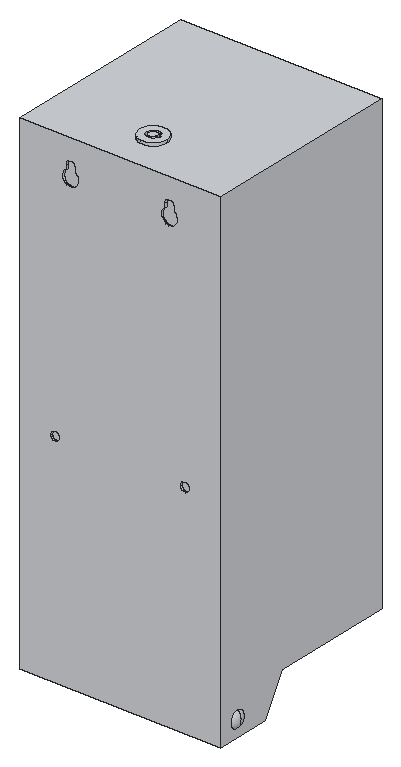
Revit family "AX9424-HA_0005", category Appareils sanitaires, Revit 2016
Family settings
  Hôte = Mur
  Type d'élément = Normal
  Cote de connecteur circulaire = Utiliser le diamètre
  Numéro OmniClass = 23.75.00.00
  Titre OmniClass = Climate Control (HVAC)
  Toujours verticalement = Oui
  Couper avec des vides une fois chargée = Non
  Partagée = Non
  Point de calcul de pièce = Non
Parameters (values of type "Type 1")
  URL = "https://www.axeuro.com/fr/distributeurs-de-gel-hydroalcoolique/26117-distributeur-de-gel-hydroalcoolique-ax9424-ha-3700926008568.html"
  Type de produit / Type of product = "Distributeur de gel hydroalcoolique automatique / Automatic hydroalcoholic gel dispenser"  # constant formula
  Référence / Reference = "AX9424-HA"  # constant formula
  Model = ""
  Manufacturer = ""
  Entreprise / Company = "Axeuro"  # constant formula
  Description = ""
Reference planes
  plane 1 "Mur": y = 0
  plane 2 "Centre (gauche/droite)": x = 0
  plane 3 "Arrière": y = 75
Forms (mm)
  Extrusion 1, solid, not visible
    sketch origin (0, 75, 32.766) x (1, 0, 0) y (0, 0, 1)
      loop
        line (124.636, 467.234) -> (-157.364, 467.234) -> (-157.364, 77.234) -> (124.636, 77.234) -> (124.636, 467.234)
      loop
        line (122.836, 465.434) -> (-155.564, 465.434) -> (-155.564, 79.034) -> (122.836, 79.034) -> (122.836, 465.434)
    from -110 to 0
  Extrusion 2, solid, not visible
    sketch origin (0, 0, 32.766) x (0, 1, 0) y (0, 0, 1)
      loop
        line (75, 467.234) -> (75, 77.234) -> (76.843, 77.234) -> (76.843, 467.234) -> (75, 467.234)
    from -157.364 to 124.636
  Extrusion 3, solid, not visible
    sketch origin (0, 75, 32.766) x (1, 0, 0) y (0, 0, 1)
      loop
        line (122.836, 465.434) -> (-155.564, 465.434) -> (-155.564, 296.437) -> (122.836, 296.437) -> (122.836, 465.434)
    from -110 to 0
  Extrusion 4, solid, not visible
    sketch origin (0, 75, -184.637) x (1, 0, 0) y (0, 0, 1)
      loop
        line (122.836, 513.841) -> (-155.564, 513.841) -> (-155.564, 296.437) -> (122.836, 296.437) -> (122.836, 513.841)
    from -110 to 0
  Extrusion 5, solid, not visible
    sketch origin (-17.336, 75, 48.525) x (1, 0, 0) y (0, 0, 1)
      loop
        circle (-91.889, 325.864) r 19.45
    from -110.457 to -110
  Extrusion 6, void, not visible
    sketch origin (-11.211, 0, 5.271) x (1, 0, 0) y (0, 0, 1)
      loop
        circle (-109.008, 447.263) r 3
    from -76.843 to -75
  Extrusion 7, solid, not visible
    sketch origin (0, 75, 32.766) x (1, 0, 0) y (0, 0, 1)
      loop
        line (124.636, 467.234) -> (-157.364, 467.234) -> (-157.364, 77.234) -> (124.636, 77.234) -> (124.636, 467.234)
      loop
        line (122.836, 465.434) -> (-155.564, 465.434) -> (-155.564, 79.034) -> (122.836, 79.034) -> (122.836, 465.434)
    from -110 to 0
  Extrusion 8, solid, not visible
    sketch origin (0, 75, 32.766) x (1, 0, 0) y (0, 0, 1)
      loop
        line (122.836, 465.434) -> (-155.564, 465.434) -> (-155.564, 296.437) -> (122.836, 296.437) -> (122.836, 465.434)
    from -110 to 0
  Extrusion 9, solid, not visible
    sketch origin (0, 75, -184.637) x (1, 0, 0) y (0, 0, 1)
      loop
        line (122.836, 513.841) -> (-155.564, 513.841) -> (-155.564, 296.437) -> (122.836, 296.437) -> (122.836, 513.841)
    from -110 to 0
  Extrusion 10, solid, not visible
    sketch origin (-17.336, 75, 48.525) x (1, 0, 0) y (0, 0, 1)
      loop
        circle (-91.889, 325.864) r 19.45
    from -110.457 to -110
  Extrusion 11, void, not visible
    sketch origin (-11.211, 0, 5.271) x (1, 0, 0) y (0, 0, 1)
      loop
        circle (-109.008, 447.263) r 3
    from -76.843 to -75
  Extrusion 12, solid
    sketch origin (45.053, -71.24, 0) x (1, 0, 0) y (0, 1, 0)
      loop
        line (-100.053, 146.24) -> (9.947, 146.24) -> (9.947, 256.24) -> (-100.053, 256.24) -> (-100.053, 146.24)
    from 270 to 540
  Extrusion 13, void
    sketch origin (0, 0, 0) x (0, 1, 0) y (0, 0, 1)
      loop
        line (105, 270) -> (185, 270) -> (185, 290) -> (117, 290) -> (105, 270)
    from -55 to 55
  Extrusion 14, void
    sketch origin (-48.587, 0, 27.144) x (1, 0, 0) y (0, 0, 1)
      loop
        arc (19.087, 496.877) -> (21.587, 488.856) -> (24.087, 496.877) r 4.4
        line (24.087, 496.877) -> (24.087, 499.356)
        arc (24.087, 499.356) -> (21.587, 501.856) -> (19.087, 499.356) r 2.5
        line (19.087, 499.356) -> (19.087, 496.877)
    from -75.849 to -75
  Extrusion 15, void
    sketch origin (48.587, 0, 27.144) x (-1, 0, 0) y (0, 0, -1)
      loop
        line (19.087, -496.877) -> (19.087, -499.356)
        arc (19.087, -499.356) -> (21.587, -501.856) -> (24.087, -499.356) r 2.5
        line (24.087, -499.356) -> (24.087, -496.877)
        arc (24.087, -496.877) -> (21.587, -488.856) -> (19.087, -496.877) r 4.4
    from -75.849 to -75
  Extrusion 16, void
    sketch origin (0, 0, -6.997) x (-1, 0, 0) y (0, 0, -1)
      loop
        circle (-35.5, -398) r 2.5
    from -75.849 to -75
  Extrusion 17, void
    sketch origin (0, 0, -6.997) x (1, 0, 0) y (0, 0, 1)
      loop
        circle (-35.5, 398) r 2.5
    from -75.849 to -75
  Revolve 18, solid
    sketch origin (0, 86, -2.553) x (1, 0, 0) y (0, 0, 1)
      loop
        line (55, 282.053) -> (57, 282.053)
        arc (57, 282.053) -> (56.566, 284.554) -> (55, 286.553) r 5.204
        line (55, 286.553) -> (55, 282.053)
      axis (55, 282.053) -> (57, 282.053)
    angle from 0 to 360
  Revolve 19, solid
    sketch origin (0, 86, -2.553) x (-1, 0, 0) y (0, 0, -1)
      loop
        line (55, -282.053) -> (55, -286.553)
        arc (55, -286.553) -> (56.566, -284.554) -> (57, -282.053) r 5.204
        line (57, -282.053) -> (55, -282.053)
      axis (55, -282.053) -> (57, -282.053)
    angle from 0 to 360
  Extrusion 20, void
    sketch origin (-7.15, 75, -11.972) x (1, 0, 0) y (0, 0, 1)
      loop
        circle (32.65, 319.472) r 2.5
    from -110 to -108.683
  Extrusion 21, solid
    sketch origin (-90.696, -44.043, 0) x (1, 0, 0) y (0, 1, 0)
      loop
        circle (90.696, 141.543) r 7.5
      loop
        circle (90.696, 141.543) r 3.506
    from 540 to 541.5
  Extrusion 22, solid
    sketch origin (0, -3.506, 0) x (1, 0, 0) y (0, 1, 0)
      loop
        circle (0, 101.006) r 2.421
    from 540 to 541.5
  Extrusion 23, void
    sketch origin (0, 0.009, 0) x (-1, 0, 0) y (0, -1, 0)
      loop
        line (-3.922, -97.938) -> (-1.695, -97.938) -> (-1.695, -97.043) -> (-3.922, -97.043) -> (-3.922, -97.938)
    from 540 to 541.5
  Extrusion 24, void
    sketch origin (104.781, 75, -52.822) x (1, 0, 0) y (0, 0, 1)
      loop
        arc (-100.781, 524.822) -> (-104.781, 528.822) -> (-108.781, 524.822) r 4
        line (-108.781, 524.822) -> (-108.781, 444.822)
        arc (-108.781, 444.822) -> (-104.781, 440.822) -> (-100.781, 444.822) r 4
        line (-100.781, 444.822) -> (-100.781, 524.822)
    from -110 to -108.683
Cuts and joins
  Extrusion 13, Extrusion 14, Extrusion 15, Extrusion 16, Extrusion 17, Extrusion 20, Extrusion 23, Extrusion 24 cuts Extrusion 12
  Extrusion 23 cuts Extrusion 21
  Extrusion 23 cuts Extrusion 22
Text (mm)
  text "Côté de la mise en place" at (-1820.995, 1116.779, 0), in view "Niveau de réf."
  text "Côté de la mise en place" at (0, 1334.055, 2976.191), in view "Gauche"
  text "Côté de la mise en place" at (0, 439.194, 2944.362), in view "Droite"
Dimensions and locks
  host wall to plane 3 "Arrière" = 75 mm
  aligned and locked: plane 1 "Mur" to host wall
